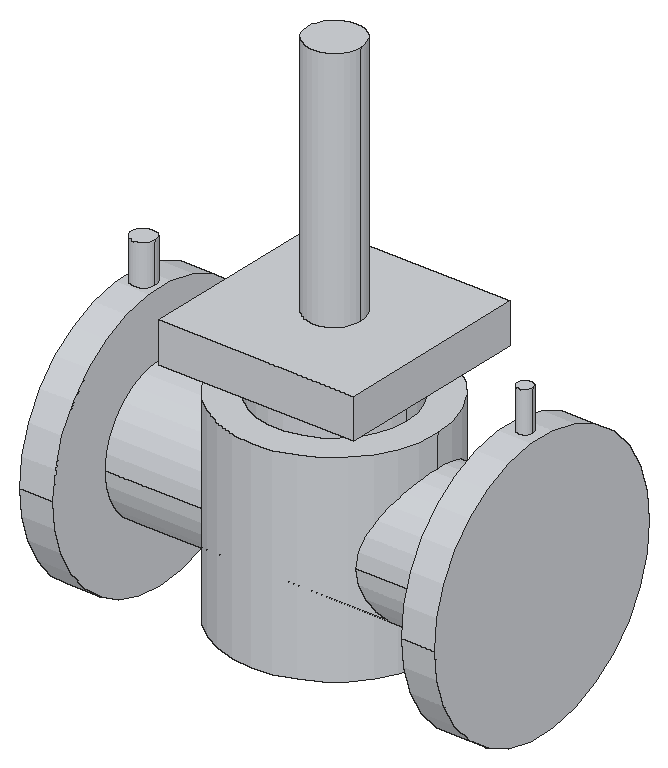
Revit family "OPTIMA_Compact_FLANGE_PN25_DN080-HF_RFA_2019", category Pipe Accessories, Revit 2019
Family settings
  Round Connector Dimension = Use Diameter
  Part Type = Valve - Breaks Into
  Work Plane-Based = No
  Always vertical = Yes
  Cut with Voids When Loaded = No
  Shared = No
Parameters (values of type "Optima Compact Flange PN25 DN080 HF")
  magiProductId = "Frese Optima Flange DN080 HF"
  magiProductFamilyId = "Frese Optima Flange *"
  magiPartTypeId = 304
  isMeasuringValve [instance] = no
  ang2D [instance] = 0.00°
  W2D = 50 mm
  VersionID = "2.0/2018.8.28.1/FRESE_OPTIMA_FLANGE_Q13_002"
  Use Minimum Symbol Size [instance] = yes
  URL = "www.hydronic.cz"
  Type Comments = "Přírubový; PN25; 0~120°C, s měřením"
  R4 = 54.25 mm
  R3 = 52 mm
  R1 = 77.5 mm
  QmdConnectorList = "301;D;302;D"
  Productdata [instance] = ""
  Manufacturer = "Hydronic Systems Prague s.r.o."
  MC Product Code = "53-1232 (DN80 HF; 20mm; pohon min 1000N; Qmin-dpmin 7000l/h-23.0kPa; Qmax-dpmin 43000l/h-50.0kPa; dpmax 800kPa)"
  MC Piping Given Pressure Drop [instance] = 0.0 Pa
  LF__ve = -LF  # -24.8 mm
  LF2 = 12.4 mm
  LF = 24.8 mm
  L4 = 145.7 mm
  L3 = 260.4 mm
  L2D_Min = 3048 mm
  L2D = 230 mm
  L2 = 155 mm
  H6 = 183 mm
  H4 = 30 mm
  H3 = 25 mm
  H2 = 75 mm
  H1 = 150 mm
  Description = "Tlakově nezávislý 2-cestný regulační vyvažovací ventil (PICV)"
  DF2 = 100 mm
  D = 80 mm
  CAT0 = yes
Types (14, lengths in mm): name | magiProductId | magiProductFamilyId | W2D | Type Comments | R4 | R3 | R1 | MC Product Code | LF__ve | LF2 | LF | L4 | L3 | L2D | L2 | H6 | H4 | H3 | H2 | H1 | DF2 | D
  Optima Compact Flange PN25 DN050 LF | "Frese Optima Flange DN050 LF" | "Frese Optima Flange *" | 50 | "Přírubový; PN25; 0~120°C, s měřením" | 40.3 | 42.9 | 57.5 | "53-1220 (DN50 LF; 20mm; pohon min 1000N; Qmin-dpmin 2500l/h-6.5kPa; Qmax-dpmin 15000l/h-20.0kPa; dpmax 800kPa)" | -18.4 | 9.2 | 18.4 | 108.1 | 193.2 | 230 | 115 | 157.3 | 24.8 | 20.6 | 61.9 | 123.8 | 82.5 | 50
  Optima Compact Flange PN25 DN050 HF | "Frese Optima Flange DN050 HF" | "Frese Optima Flange *" | 50 | "Přírubový; PN25; 0~120°C, s měřením" | 40.25 | 42.9 | 57.5 | "53-1230 (DN50 HF; 20mm; pohon min 1000N; Qmin-dpmin 3900l/h-19.0kPa; Qmax-dpmin 24000l/h-50.0kPa; dpmax 800kPa)" | -18.4 | 9.2 | 18.4 | 108.1 | 193.2 | 230 | 115 | 157.25 | 24.75 | 20.625 | 61.875 | 123.75 | 82.5 | 50
  Optima Compact Flange PN25 DN065 LF | "Frese Optima Flange DN065 LF" | "Frese Optima Flange *" | 50 | "Přírubový; PN25; 0~120°C, s měřením" | 50.75 | 48.1 | 72.5 | "53-1221 (DN65 LF; 20mm; pohon min 1000N; Qmin-dpmin 4400l/h-15.0kPa; Qmax-dpmin 25000l/h-25.0kPa; dpmax 800kPa)" | -23.2 | 11.6 | 23.2 | 136.3 | 243.6 | 230 | 145 | 171.25 | 27.75 | 23.125 | 69.375 | 138.75 | 92.5 | 65
  Optima Compact Flange PN25 DN065 HF | "Frese Optima Flange DN065 HF" | "Frese Optima Flange *" | 50 | "Přírubový; PN25; 0~120°C, s měřením" | 50.75 | 48.1 | 72.5 | "53-1231 (DN65 HF; 20mm; pohon min 1000N; Qmin-dpmin 6000l/h-30.0kPa; Qmax-dpmin 35000l/h-55.0kPa; dpmax 800kPa)" | -23.2 | 11.6 | 23.2 | 136.3 | 243.6 | 230 | 145 | 171.25 | 27.75 | 23.125 | 69.375 | 138.75 | 92.5 | 65
  Optima Compact Flange PN25 DN080 LF | "Frese Optima Flange DN080 LF" | "Frese Optima Flange *" | 50 | "Přírubový; PN25; 0~120°C, s měřením" | 54.25 | 52 | 77.5 | "53-1222 (DN80 LF; 20mm; pohon min 1000N; Qmin-dpmin 5300l/h-16.0kPa; Qmax-dpmin 34000l/h-25.0kPa; dpmax 800kPa)" | -24.8 | 12.4 | 24.8 | 145.7 | 260.4 | 230 | 155 | 183 | 30 | 25 | 75 | 150 | 100 | 80
  Optima Compact Flange PN25 DN080 HF | "Frese Optima Flange DN080 HF" | "Frese Optima Flange *" | 50 | "Přírubový; PN25; 0~120°C, s měřením" | 54.25 | 52 | 77.5 | "53-1232 (DN80 HF; 20mm; pohon min 1000N; Qmin-dpmin 7000l/h-23.0kPa; Qmax-dpmin 43000l/h-50.0kPa; dpmax 800kPa)" | -24.8 | 12.4 | 24.8 | 145.7 | 260.4 | 230 | 155 | 183 | 30 | 25 | 75 | 150 | 100 | 80
  Optima Compact Flange PN25 DN100 LF | "Frese Optima Flange DN100 LF" | "Frese Optima Flange *" | 50 | "Přírubový; PN25; 0~120°C, s měřením" | 61.25 | 61.1 | 87.5 | "53-1223 (DN100 LF; 40mm; pohon min 1000N; Qmin-dpmin 12100l/h-20.0kPa; Qmax-dpmin 68000l/h-35.0kPa; dpmax 800kPa)" | -28 | 14 | 28 | 164.5 | 294 | 230 | 175 | 268.75 | 35.25 | 29.375 | 88.125 | 176.25 | 117.5 | 100
  Optima Compact Flange PN25 DN100 HF | "Frese Optima Flange DN100 HF" | "Frese Optima Flange *" | 50 | "Přírubový; PN25; 0~120°C, s měřením" | 61.25 | 61.1 | 87.5 | "53-1233 (DN100 HF; 40mm; pohon min 1000N; Qmin-dpmin 14800l/h-30.0kPa; Qmax-dpmin 90000l/h-75.0kPa; dpmax 800kPa)" | -28 | 14 | 28 | 164.5 | 294 | 230 | 175 | 268.75 | 35.25 | 29.375 | 88.125 | 176.25 | 117.5 | 100
  Optima Compact Flange PN25 DN125 LF | "Frese Optima Flange DN125 LF" | "Frese Optima Flange *" | 50 | "Přírubový; PN25; 0~120°C, s měřením" | 70 | 70.2 | 100 | "53-1224 (DN125 LF; 40mm; pohon min 1000N; Qmin-dpmin 18500l/h-16.0kPa; Qmax-dpmin 110000l/h-35.0kPa; dpmax 800kPa)" | -32 | 16 | 32 | 188 | 336 | 230 | 200 | 275.5 | 40.5 | 33.75 | 101.25 | 202.5 | 135 | 125
  Optima Compact Flange PN25 DN125 HF | "Frese Optima Flange DN125 HF" | "Frese Optima Flange *" | 50 | "Přírubový; PN25; 0~120°C, s měřením" | 70 | 70.2 | 100 | "53-1234 (DN125 HF; 40mm; pohon min 1000N; Qmin-dpmin 23000l/h-27.0kPa; Qmax-dpmin 135000l/h-53.0kPa; dpmax 800kPa)" | -32 | 16 | 32 | 188 | 336 | 230 | 200 | 275.5 | 40.5 | 33.75 | 101.25 | 202.5 | 135 | 125
  Optima Compact Flange PN25 DN150 LF | "Frese Optima Flange DN150 LF" | "Frese Optima Flange *" | 50 | "Přírubový; PN25; 0~110°C, s měřením" | 84 | 74.1 | 120 | "53-1225 (DN150 LF; 43mm; pohon min 1500N; Qmin-dpmin 25600l/h-21.0kPa; Qmax-dpmin 148000l/h-35.0kPa; dpmax 800kPa)" | -38.4 | 19.2 | 38.4 | 225.6 | 403.2 | 230 | 240 | 279.25 | 42.75 | 35.625 | 106.875 | 213.75 | 142.5 | 150
  Optima Compact Flange PN25 DN150 HF | "Frese Optima Flange DN150 HF" | "Frese Optima Flange *" | 50 | "Přírubový; PN25; 0~110°C, s měřením" | 84 | 74.1 | 120 | "53-1235 (DN150 HF; 43mm; pohon min 1500N; Qmin-dpmin 32000l/h-33.0kPa; Qmax-dpmin 195000l/h-65.0kPa; dpmax 800kPa)" | -38.4 | 19.2 | 38.4 | 225.6 | 403.2 | 230 | 240 | 279.25 | 42.75 | 35.625 | 106.875 | 213.75 | 142.5 | 150
  Optima Compact Flange PN25 DN200 LF | "" | "" | 100 | "Přírubový; PN25; 0~110°C, s měřením" | 164.5 | 98.8 | 235 | "53-1226 (DN200 LF; 43mm; pohon min 1500N; Qmin-dpmin 95000l/h-11.0kPa; Qmax-dpmin 210000l/h-32.0kPa; dpmax 800kPa)" | -48 | 24 | 48 | 282 | 504 | 350 | 300 | 281 | 57 | 15 | 209 | 380 | 190 | 200
  Optima Compact Flange PN25 DN200 HF | "" | "" | 100 | "Přírubový; PN25; 0~110°C, s měřením" | 164.5 | 98.8 | 235 | "53-1236 (DN200 HF; 43mm; pohon min 1500N; Qmin-dpmin 130000l/h-31.0kPa; Qmax-dpmin 280000l/h-78.0kPa; dpmax 800kPa)" | -48 | 24 | 48 | 282 | 504 | 350 | 300 | 281 | 57 | 15 | 209 | 380 | 190 | 200
Reference planes
  plane 1 "Center (Front/Back)": y = 0
  plane 2 "XYPLANE": z = 0
  plane 3 "Center (Left/Right)": x = 0
  plane 4 "157": x = 142.6
  plane 5 "156": x = -142.6
  plane 6 "155": z = 100
  plane 7 "154": z = 130
  plane 8 "153": z = 100
  plane 9 "152": z = 75
  plane 10 "151": x = -130.2
  plane 11 "150": z = -75
  plane 12 "149": x = 0
  plane 13 "148": y = 0
  plane 14 "147": z = 0
  plane 15 "146": x = -155
  plane 16 "145": x = 155
Forms (mm)
  Extrusion 1, solid, visible <- "CAT0"
    sketch origin (-750, 0, 100) x (1, 0, 0) y (0, 1, 0)
      loop
        circle (892.6, 0) r 5.5
    from 0 to 30
  Extrusion 2, solid, visible <- "CAT0"
    sketch origin (-750, 0, 100) x (1, 0, 0) y (0, 1, 0)
      loop
        circle (607.4, 0) r 8.7
    from 0 to 30
  Extrusion 3, solid, visible <- "CAT0"
    sketch origin (-750, 0, 130) x (1, 0, 0) y (0, 1, 0)
      loop
        circle (750, 0) r 20
    from 0 to 183 <- "H6"
  Extrusion 4, solid, visible <- "CAT0"
    sketch origin (-750, 0, 100) x (1, 0, 0) y (0, 1, 0)
      loop
        line (822.85, 72.85) -> (677.15, 72.85) -> (677.15, -72.85) -> (822.85, -72.85) -> (822.85, 72.85)
    from 0 to 30 <- "H4"
  Extrusion 5, solid, visible <- "CAT0"
    sketch origin (-750, 0, 75) x (1, 0, 0) y (0, 1, 0)
      loop
        circle (750, 0) r 54.25
    from 0 to 25 <- "H3"
  Extrusion 6, solid, visible <- "CAT0"
    sketch origin (-130.2, -750, 0) x (0, 1, 0) y (0, 0, 1)
      loop
        circle (750, 0) r 52
    from 0 to 260.4 <- "L3"
  Extrusion 7, solid, visible <- "CAT0"
    sketch origin (-750, 0, -75) x (1, 0, 0) y (0, 1, 0)
      loop
        circle (750, 0) r 77.5
    from 0 to 150 <- "H1"
  Extrusion 8, solid, visible <- "CAT0"
    sketch origin (-155, -750, 0) x (0, 1, 0) y (0, 0, 1)
      loop
        circle (750, 0) r 100
    from 0 to 24.8 <- "LF"
  Extrusion 9, solid, visible <- "CAT0"
    sketch origin (155, -750, 0) x (0, 1, 0) y (0, 0, 1)
      loop
        circle (750, 0) r 100
    from 0 to -24.8 <- "LF__ve"
  Extrusion 10, solid, not visible
    sketch origin (-155, -750, 0) x (0, 1, 0) y (0, 0, 1)
      loop
        circle (750, 0) r 10
    from 0 to 10
  Extrusion 11, solid, not visible
    sketch origin (155, -750, 0) x (0, 1, 0) y (0, 0, 1)
      loop
        circle (750, 0) r 10
    from 0 to -10
Lines and regions (mm)
  reference lines, not visible
    curve 1: circle (2, 2, 0) r 1 normal (0, 0, 1)
  reference lines
    curve 2: circle (0, 0, 100) r 1 normal (0, 0, 1)
Dimensions and locks
  plane 1 "Center (Front/Back)" to curve 1 = 2 mm
  "LF2": plane 16 "145" to plane 4 "157"
  "LF2": plane 15 "146" to plane 5 "156"
  "DF2": plane 2 "XYPLANE" to plane 6 "155"
  "H4": plane 8 "153" to plane 7 "154"
  "H3": plane 9 "152" to plane 8 "153"
  "H1": plane 11 "150" to plane 9 "152"
  "LF": plane 15 "146" to plane 10 "151"
  "H2": plane 2 "XYPLANE" to plane 11 "150"
  locked: plane 3 "Center (Left/Right)" to plane 12 "149"
  locked: plane 1 "Center (Front/Back)" to plane 13 "148"
  locked: plane 2 "XYPLANE" to plane 14 "147"
  "L2": plane 3 "Center (Left/Right)" to plane 15 "146"
  "L2": plane 3 "Center (Left/Right)" to plane 16 "145"
  equal spacing: Extrusion 4 sketch curve, curve 2, Extrusion 4 sketch curve  (x2)
  "L4": Extrusion 4 sketch curve to Extrusion 4 sketch curve  (x2)
  Extrusion 4 sketch curve to Extrusion 4 sketch curve = 0 mm  (x8)
  "R4": radius of Extrusion 5 sketch curve
  "R3": radius of Extrusion 6 sketch curve
  "R1": radius of Extrusion 7 sketch curve
  "DF2": radius of Extrusion 8 sketch curve
  "DF2": radius of Extrusion 9 sketch curve
  aligned and locked: level to plane 2 "XYPLANE"
  aligned and locked: plane 4 "157" to Extrusion 1 sketch curve
  aligned and locked: plane 13 "148" to Extrusion 1 sketch curve
  aligned and locked: plane 5 "156" to Extrusion 2 sketch curve
  aligned and locked: plane 13 "148" to Extrusion 2 sketch curve
  aligned and locked: plane 12 "149" to Extrusion 3 sketch curve
  aligned and locked: plane 13 "148" to Extrusion 3 sketch curve
  aligned and locked: plane 12 "149" to curve 2
  aligned and locked: plane 13 "148" to curve 2
  aligned and locked: plane 12 "149" to Extrusion 5 sketch curve
  aligned and locked: plane 13 "148" to Extrusion 5 sketch curve
  aligned and locked: Extrusion 6 sketch curve to plane 13 "148"
  aligned and locked: plane 14 "147" to Extrusion 6 sketch curve
  aligned and locked: plane 12 "149" to Extrusion 7 sketch curve
  aligned and locked: plane 13 "148" to Extrusion 7 sketch curve
  aligned and locked: Extrusion 8 sketch curve to plane 13 "148"
  aligned and locked: plane 14 "147" to Extrusion 8 sketch curve
  aligned and locked: Extrusion 9 sketch curve to plane 13 "148"
  aligned and locked: plane 14 "147" to Extrusion 9 sketch curve
  aligned and locked: Extrusion 10 sketch curve to plane 13 "148"
  aligned and locked: plane 14 "147" to Extrusion 10 sketch curve
  aligned and locked: Extrusion 11 sketch curve to plane 13 "148"
  aligned and locked: plane 14 "147" to Extrusion 11 sketch curve
Automatic sketch dimensions
  Extrusion 1 sketch curve to plane 4 "157" = 5.5 mm
  plane 15 "146" to Extrusion 2 sketch curve = 3.7 mm
  Extrusion 3 sketch curve to plane 3 "Center (Left/Right)" = 20 mm
  plane 1 "Center (Front/Back)" to Extrusion 10 sketch curve = 10 mm
  plane 1 "Center (Front/Back)" to Extrusion 11 sketch curve = 10 mm
  plane 3 "Center (Left/Right)" to curve 1 = 2 mm
  plane 10 "151" to Extrusion 4 sketch curve = 57.35 mm
  plane 1 "Center (Front/Back)" to Extrusion 4 sketch curve = 72.85 mm
  radius of curve 2 = 1 mm
  radius of curve 1 = 1 mm
Connectors
  piping at (-155, 0, 0), diameter 80, driven by "D"
    settings: on Extrusion 10, index 1, connector inside diameter 609.6 mm, connector length 0 mm, flow factor 0, pipe flow 0.0 L/s, pressure drop 0.0 Pa, fitting loss kfactor 0, connector angle 0.00°, fixture units 0, engagement length 0 mm, angle of deflection 0.00°, flow configuration 0, flow direction 0, fitting loss method 0, system type 29, joint type 0, gender type 0, connector reference index 2, connector utility 0, adjustable connector no, is connector primary yes, connector description ""
  piping at (155, 0, 0), diameter 80, driven by "D"
    settings: on Extrusion 11, index 2, connector inside diameter 609.6 mm, connector length 0 mm, flow factor 0, pipe flow 0.0 L/s, pressure drop 0.0 Pa, fitting loss kfactor 0, connector angle 0.00°, fixture units 0, engagement length 0 mm, angle of deflection 0.00°, flow configuration 0, flow direction 0, fitting loss method 0, system type 29, joint type 0, gender type 0, connector reference index 1, connector utility 0, adjustable connector no, is connector primary no, connector description ""
